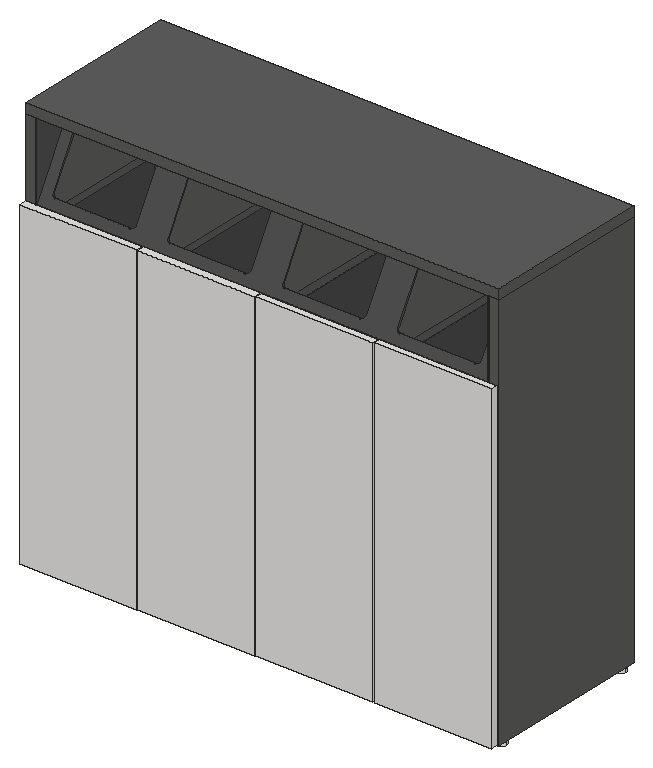
Revit family "Storage-Teknion-CESRUS_Recycling_Disposal_Unit_Standard_Bins-R2023", category Furniture, Revit 2023
Family settings
  OmniClass Number = 23.40.20.00
  OmniClass Title = General Furniture and Specialties
  Work Plane-Based = No
  Enable Cutting in Views = No
  Always vertical = Yes
  Cut with Voids When Loaded = No
  Render Appearance Source = Family Geometry
  Shared = Yes
  Room Calculation Point = No
Parameters (values of type "Quad Configuration")
  Width = if([D - Dual], 24.000", if([T - Triple], 36.000", 48.000"))  # 48.000"
  Warranty = "http://www.teknion.com/ca/papers/legal-canada"
  Unit Weight URL = "http://www.teknion.com/ca/tools/assets#&asset=bee6a381-b954-425e-8283-5a2de3a804f2,f828d448-4b62-4231-9e5f-9a8991c0ed77"
  URL = "www.teknion.com"
  To render please download texture images found here [instance] = "https://assets.teknion.com/web/5e81352c1dfdb467/revit-material-swatches/"
  T - Triple = no
  Sustainability Data = "https://www.teknion.com/ca/tools/assets#&topic=216f99a5-57a0-44fc-b10a-9dee9b29ae4c&asset=444deb64-fe58-4b68-981e-f75e97781df7,b4ff2d81-9f2e-437d-9659-7cffb09c31cf"
  Series = "Expansion Casework+"  # constant formula
  S - Symbol Ready [instance] = no
  Q - Quad = yes
  Product Page URL = "https://www.teknion.com/ca/products/product-details?productLineId=30ca1270-8e7a-673b-a6c8-ff05004460c4"
  Product Line = "Storage Cabinets"  # constant formula
  Product Documentation Link = "https://www.teknion.com/pricing/expansion-casework/pdfs/CESRUS_ppg.pdf"
  Part Number = "CESRUS"  # constant formula
  Opening Fascia Finish [instance] = Paint - Teknion - Foundation - Ebony
  N - No Identification [instance] = not([S - Symbol Ready])  # yes
  Model = "CESRUSQ__12____"
  Manufacturer Phone = "416-661-3370"  # constant formula
  Manufacturer Fax = "416.661.4586"  # constant formula
  Manufacturer Contact Information = "http://www.teknion.com/ca/contactus"
  Manufacturer Address = "1150 Flint Road, Toronto, ON. M3J 2J5. Canada"  # constant formula
  Manufacturer = "Teknion"  # constant formula
  MR - 4 Doors = [Q - Quad]  # yes
  MR - 3 Doors = [T - Triple]  # no
  Identification [instance] = "Select one option for identification. No identification is default."  # constant formula
  How To Use Teknion Materials User Guide [instance] = "https://assets.teknion.com/m/205dd0a49fa58060/original/How-to-add-a-Material-Library-and-Texture-Images-to-your-Revit-project.pdf"
  Hidden - Divider 3 = not(Divider 3)  # no
  Hidden - Divider 2 = not(Divider 2)  # no
  Hidden - Divider 1 = not(Divider 1)  # no
  Height [instance] = 42.000"
  Front Finish [instance] = Grade 2 Laminate - Teknion - W4 -Crisp Grey Matte
  For Additional Finishes please visit [instance] = "https://assets.teknion.com/m/44a8009b046e5d47/original/Teknion_Materials_Library.zip"
  Divider 3 = or([Q - Quad], [T - Triple])  # yes
  Divider 2 = or([D - Dual], [Q - Quad])  # yes
  Divider 1 = or([Q - Quad], [T - Triple])  # yes
  Dim 3 = if([T - Triple], 11.085", 5.085")  # 5.085"
  Dim 2 = if([T - Triple], 11.667", 5.750")  # 5.750"
  Dim 1 = if([T - Triple], 6.000", if([Q - Quad], 12.000", 8.000"))  # 12.000"
  Description = "Recycling/Disposal Unit - Standard Bins, Quad Configuration, 12\" Door Width"
  Depth [instance] = 18.000"
  Default Elevation = 0.000"
  D - Dual = no
  Cut-Out - Symbol - 2 & 3 Doors [instance] = if([S - Symbol Ready], 1.000", 0.200")  # 0.200"
  Cut-Out - Symbol - 4 Doors [instance] = if((and([Q - Quad], [S - Symbol Ready])), 1.000", 0.200")  # 0.200"
  Cut-Out - Symbol - 3 Doors [instance] = if((and([T - Triple], [S - Symbol Ready])), 1.000", 0.200")  # 0.200"
  Cut-Out - 4 Bins = if([Q - Quad], 1.000", 0.200")  # 1.000"
  Cut-Out - 3 Bins = if([T - Triple], 1.500", 0.200")  # 0.200"
  Cut-Out - 2 Bins = if((or([D - Dual], [Q - Quad])), 1.000", 0.200")  # 1.000"
  Cut - Divider - 3 = if(Divider 3, 3.000", 0.300")  # 3.000"
  Cut - Divider - 2 = if(Divider 2, 3.000", 0.300")  # 3.000"
  Cut - Divider - 1 = if(Divider 1, 3.000", 0.300")  # 3.000"
  Cut - 3 & 4 Doors = if((or([T - Triple], [Q - Quad])), 2.500", 0.300")  # 2.500"
  Cut - 2 & 4 Doors = if((or([D - Dual], [Q - Quad])), 2.500", 0.300")  # 2.500"
  Configuration = ""
  Case Finish [instance] = Source Laminate - Teknion - LE - Ebony
  Available Height [instance] = "36 & 42 Inch"  # constant formula
  Available Depth [instance] = "18 & 24 Inch"  # constant formula
  Assembly Code = "E2020200"
  2D & Node - Symbol - 2 & 3 Doors [instance] = [Cut-Out - Symbol - 2 & 3 Doors] = 1.000"  # no
  2D & Node - Symbol - 3 Doors [instance] = [Cut-Out - Symbol - 3 Doors] = 1.000"  # no
  2D & Node - Symbol - 4 Doors [instance] = [Cut-Out - Symbol - 4 Doors] = 1.000"  # no
  2D - 4 Bins = [Cut-Out - 4 Bins] = 1.000"  # yes
  2D - 3 Bins = [Cut-Out - 3 Bins] = 1.500"  # no
  2D - 2 & 4 Bins = or([Cut-Out - 2 Bins] = 1.000", [Cut-Out - 4 Bins] = 1.000")  # yes
Reference planes (in)
  plane 1 "Center Front/Back": y = -15
  plane 2: z = 0
  plane 3 "Center Left/Right": x = 24
  plane 4 "Left": x = 0
  plane 5 "Right": x = 48
  plane 6 "Back": y = -6
  plane 7 "Front": y = -24
  plane 8 "Top": z = 42
  plane 9: z = 0.37795
  plane 10: z = 11.43858
  plane 11: x = 12
  plane 12: x = 36
  plane 13: y = -15.53543
Forms (in)
  Sweep 1, solid, material "Source Laminate - Teknion - LE - Ebony" <- "Case Finish"
    path origin (0, -15, 0) x (1, 0, 0) y (0, 0, 1)
      loop
        line (24, 0.37795) -> (24, 40.98425)
    profile origin (24, -15, 20.6811) x (-1, 0, 0) y (0, -1, 0)
      loop
        line (24, -9) -> (24, 8.16142) -> (22.98425, 8.16142) -> (22.98425, -9) -> (24, -9)
      loop
        line (-24, -9) -> (-22.98425, -9) -> (-22.98425, 8.16142) -> (-24, 8.16142) -> (-24, -9)
  Sweep 2, solid, material "Source Laminate - Teknion - LE - Ebony" <- "Case Finish"
    path origin (0, 0, 0) x (1, 0, 0) y (0, 1, 0)
      loop
        line (46.98425, -15) -> (1.01575, -15)
    profile origin (24, -15, 0) x (0, -1, 0) y (0, 0, 1)
      loop
        line (-8.29921, 40.98425) -> (-9, 40.98425) -> (-9, 0.37795) -> (-8.29921, 0.37795) -> (-8.29921, 40.98425)
  Sweep 3, solid, material "Source Laminate - Teknion - LE - Ebony" <- "Case Finish"
    path origin (0, -15, 0) x (1, 0, 0) y (0, 0, 1)
      loop
        line (24, 1.43307) -> (24, 0.37795)
    profile origin (24, -15, 0.90551) x (0, -1, 0) y (1, 0, 0)
      loop
        line (-8.29921, -22.98425) -> (8.16142, -22.98425) -> (8.16142, 22.98425) -> (-8.29921, 22.98425) -> (-8.29921, -22.98425)
  Sweep 4, solid, material "Source Laminate - Teknion - LE - Ebony" <- "Case Finish"
    path origin (0, -15, 0) x (1, 0, 0) y (0, 0, 1)
      loop
        line (24, 11.43858) -> (24, 10.7378)
    profile origin (24, -15, 11.08819) x (0, -1, 0) y (1, 0, 0)
      loop
        line (-8.29921, -22.98425) -> (8.16142, -22.98425) -> (8.16142, 22.98425) -> (-8.29921, 22.98425) -> (-8.29921, -22.98425)
  Sweep 5, solid, material "Source Laminate - Teknion - LE - Ebony" <- "Case Finish"
    path origin (0, -15, 0) x (1, 0, 0) y (0, 0, 1)
      loop
        line (24, 42) -> (24, 40.98425)
    profile origin (24, -15, 41.49213) x (0, -1, 0) y (1, 0, 0)
      loop
        line (-9, -24) -> (8.16142, -24) -> (8.16142, 24) -> (-9, 24) -> (-9, -24)
  Sweep 6, solid, material "Grade 2 Laminate - Teknion - W4 -Crisp Grey Matte" <- "Front Finish"
    path origin (0, 0, 0) x (1, 0, 0) y (0, 1, 0)
      loop
        line (24, -23.29921) -> (24, -24)
    profile origin (24, -23.64961, 0) x (1, 0, 0) y (0, 0, 1)
      loop
        line (23.94094, 33.17913) -> (-23.94094, 33.17913) -> (-23.94094, 0.49606) -> (23.94094, 0.49606) -> (23.94094, 33.17913)
  Sweep 7, solid, material "Source Laminate - Teknion - LE - Ebony" <- "Case Finish", visible <- "Divider 1"
    path origin (0, 0, 0) x (1, 0, 0) y (0, 1, 0)
      loop
        line (11.64961, -15) -> (12.35039, -15)
    profile origin (12, -15, 0) x (0, 1, 0) y (0, 0, 1)
      loop
        line (8.29921, 40.98425) -> (-3.10354, 40.98425) -> (-6.38976, 35.29235) -> (-6.38976, 32.22362) -> (-8.16142, 32.22362) -> (-8.16142, 1.43307) -> (8.29921, 1.43307) -> (8.29921, 40.98425)
  Sweep 8, solid, material "Source Laminate - Teknion - LE - Ebony" <- "Case Finish", visible <- "Divider 2"
    path origin (0, 0, 0) x (1, 0, 0) y (0, 1, 0)
      loop
        line (23.64961, -15) -> (24.35039, -15)
    profile origin (24, -15, 0) x (0, 1, 0) y (0, 0, 1)
      loop
        line (8.29921, 1.43307) -> (8.29921, 40.98425) -> (-3.10354, 40.98425) -> (-6.38976, 35.29235) -> (-6.38976, 32.22362) -> (-8.16142, 32.22362) -> (-8.16142, 1.43307) -> (8.29921, 1.43307)
  Sweep 9, solid, material "Source Laminate - Teknion - LE - Ebony" <- "Case Finish", visible <- "Divider 3"
    path origin (0, 0, 0) x (1, 0, 0) y (0, 1, 0)
      loop
        line (35.64961, -15) -> (36.35039, -15)
    profile origin (36, -15, 0) x (0, 1, 0) y (0, 0, 1)
      loop
        line (-3.10354, 40.98425) -> (-6.38976, 35.29235) -> (-6.38976, 32.22362) -> (-8.16142, 32.22362) -> (-8.16142, 1.43307) -> (8.29921, 1.43307) -> (8.29921, 40.98425) -> (-3.10354, 40.98425)
  Sweep 10, void
    path origin (0, -15, 0) x (1, 0, 0) y (0, 0, 1)
      loop
        line (24, 12.43858) -> (24, 9.43858)
    profile origin (24, -15, 10.93858) x (0, -1, 0) y (1, 0, 0)
      loop
        line (-8.29921, -12.35039) -> (9, -12.35039) -> (9, -11.64961) -> (-8.29921, -11.64961) -> (-8.29921, -12.35039)
  Sweep 11, void
    path origin (0, -15, 0) x (1, 0, 0) y (0, 0, 1)
      loop
        line (24, 9.43858) -> (24, 12.43858)
    profile origin (24, -15, 10.93858) x (-1, 0, 0) y (0, -1, 0)
      loop
        line (0.35039, -8.29921) -> (0.35039, 9) -> (-0.35039, 9) -> (-0.35039, -8.29921) -> (0.35039, -8.29921)
  Sweep 12, void
    path origin (0, -15, 0) x (1, 0, 0) y (0, 0, 1)
      loop
        line (24, 12.43858) -> (24, 9.43858)
    profile origin (24, -15, 10.93858) x (0, -1, 0) y (1, 0, 0)
      loop
        line (9, 12.35039) -> (-8.29921, 12.35039) -> (-8.29921, 11.64961) -> (9, 11.64961) -> (9, 12.35039)
  Sweep 13, solid, material "Paint - Teknion - Foundation - Ebony" <- "Opening Fascia Finish"
    path origin (0, 0, 0) x (1, 0, 0) y (0, 1, 0)
      loop
        line (1.06299, -15) -> (1.01575, -15)
    profile origin (1.03937, -15, 0) x (0, -1, 0) y (0, 0, 1)
      loop
        line (8.16142, 40.93701) -> (3.65922, 40.93701) -> (8.16142, 33.13898) -> (8.16142, 40.93701)
  Sweep 14, solid, material "Paint - Teknion - Foundation - Ebony" <- "Opening Fascia Finish"
    path origin (0, 0, 0) x (1, 0, 0) y (0, 1, 0)
      loop
        line (46.98425, -15) -> (46.93701, -15)
    profile origin (46.96063, -15, 0) x (0, -1, 0) y (0, 0, 1)
      loop
        line (8.16142, 40.93701) -> (3.65922, 40.93701) -> (8.16142, 33.13898) -> (8.16142, 40.93701)
  Sweep 15, solid, material "Paint - Teknion - Foundation - Ebony" <- "Opening Fascia Finish"
    path origin (0, 0, 0) x (1, 0, 0) y (0, 1, 0)
      loop
        line (46.98425, -15) -> (1.01575, -15)
    profile origin (24, -15, 0) x (0, -1, 0) y (0, 0, 1)
      loop
        line (5.83369, 40.98425) -> (3.57739, 40.98425) -> (8.16142, 33.04449) -> (8.16142, 33.13898) -> (3.65922, 40.93701) -> (5.83369, 40.93701) -> (5.83369, 40.98425)
  Sweep 16, void
    path origin (24, 0, 0) x (0, 1, 0) y (0, 0, 1)
      loop
        line (-19.92521, 39.76487) -> (-19.05918, 39.26487)
    profile origin (24, -19.4922, 39.51487) x (0, 0.5, 0.866025) y (1, 0, 0)
      loop
        line (-6.3563, -13.64469) -> (-6.3563, -21.35728)
        arc (-6.3563, -21.35728) -> (-6.24099, -21.63567) -> (-5.9626, -21.75098) r 0.3937
        line (-5.9626, -21.75098) -> (0, -21.75098)
        arc (0, -21.75098) -> (0.27839, -21.63567) -> (0.3937, -21.35728) r 0.3937
        line (0.3937, -21.35728) -> (0.3937, -13.64469)
        arc (0.3937, -13.64469) -> (0.27839, -13.3663) -> (0, -13.25098) r 0.3937
        line (0, -13.25098) -> (-5.9626, -13.25098)
        arc (-5.9626, -13.25098) -> (-6.24099, -13.3663) -> (-6.3563, -13.64469) r 0.3937
      loop
        line (-6.3563, 21.35728) -> (-6.3563, 13.64469)
        arc (-6.3563, 13.64469) -> (-6.24099, 13.3663) -> (-5.9626, 13.25098) r 0.3937
        line (-5.9626, 13.25098) -> (0, 13.25098)
        arc (0, 13.25098) -> (0.27839, 13.3663) -> (0.3937, 13.64469) r 0.3937
        line (0.3937, 13.64469) -> (0.3937, 21.35728)
        arc (0.3937, 21.35728) -> (0.27839, 21.63567) -> (0, 21.75098) r 0.3937
        line (0, 21.75098) -> (-5.9626, 21.75098)
        arc (-5.9626, 21.75098) -> (-6.24099, 21.63567) -> (-6.3563, 21.35728) r 0.3937
  Sweep 17, void
    path origin (24, 0, 0) x (0, 1, 0) y (0, 0, 1)
      loop
        line (-19.72836, 40.10583) -> (-18.86233, 39.60583)
    profile origin (24, -19.29535, 39.85583) x (0, 0.5, 0.866025) y (1, 0, 0)
      loop
        line (-6.75, -1.97736) -> (-6.75, -9.68996)
        arc (-6.75, -9.68996) -> (-6.63469, -9.96835) -> (-6.3563, -10.08366) r 0.3937
        line (-6.3563, -10.08366) -> (-0.3937, -10.08366)
        arc (-0.3937, -10.08366) -> (-0.11531, -9.96835) -> (0, -9.68996) r 0.3937
        line (0, -9.68996) -> (0, -1.97736)
        arc (0, -1.97736) -> (-0.11531, -1.69897) -> (-0.3937, -1.58366) r 0.3937
        line (-0.3937, -1.58366) -> (-6.3563, -1.58366)
        arc (-6.3563, -1.58366) -> (-6.63469, -1.69897) -> (-6.75, -1.97736) r 0.3937
      loop
        line (-6.75, 9.68996) -> (-6.75, 1.97736)
        arc (-6.75, 1.97736) -> (-6.63469, 1.69897) -> (-6.3563, 1.58366) r 0.3937
        line (-6.3563, 1.58366) -> (-0.3937, 1.58366)
        arc (-0.3937, 1.58366) -> (-0.11531, 1.69897) -> (0, 1.97736) r 0.3937
        line (0, 1.97736) -> (0, 9.68996)
        arc (0, 9.68996) -> (-0.11531, 9.96835) -> (-0.3937, 10.08366) r 0.3937
        line (-0.3937, 10.08366) -> (-6.3563, 10.08366)
        arc (-6.3563, 10.08366) -> (-6.63469, 9.96835) -> (-6.75, 9.68996) r 0.3937
  Sweep 18, void
    path origin (24, 0, 0) x (0, 1, 0) y (0, 0, 1)
      loop
        line (-19.81496, 40.15583) -> (-19.98817, 40.25583)
    profile origin (24, -19.90156, 40.20583) x (0, -0.5, -0.866025) y (1, 0, 0)
      loop
        arc (6.75, -7.70013) -> (6.63469, -7.42174) -> (6.3563, -7.30643) r 0.3937
        line (6.3563, -7.30643) -> (0.33268, -7.30643)
        arc (0.33268, -7.30643) -> (0.05429, -7.42174) -> (-0.06102, -7.70013) r 0.3937
        line (-0.06102, -7.70013) -> (-0.06102, -15.41273)
        arc (-0.06102, -15.41273) -> (0.05429, -15.69112) -> (0.33268, -15.80643) r 0.3937
        line (0.33268, -15.80643) -> (6.3563, -15.80643)
        arc (6.3563, -15.80643) -> (6.63469, -15.69112) -> (6.75, -15.41273) r 0.3937
        line (6.75, -15.41273) -> (6.75, -7.70013)
      loop
        arc (6.75, 3.8563) -> (6.63469, 4.13469) -> (6.3563, 4.25) r 0.3937
        line (6.3563, 4.25) -> (0.33268, 4.25)
        arc (0.33268, 4.25) -> (0.05429, 4.13469) -> (-0.06102, 3.8563) r 0.3937
        line (-0.06102, 3.8563) -> (-0.06102, -3.8563)
        arc (-0.06102, -3.8563) -> (0.05429, -4.13469) -> (0.33268, -4.25) r 0.3937
        line (0.33268, -4.25) -> (6.3563, -4.25)
        arc (6.3563, -4.25) -> (6.63469, -4.13469) -> (6.75, -3.8563) r 0.3937
        line (6.75, -3.8563) -> (6.75, 3.8563)
      loop
        arc (6.75, 15.41273) -> (6.63469, 15.69112) -> (6.3563, 15.80643) r 0.3937
        line (6.3563, 15.80643) -> (0.33268, 15.80643)
        arc (0.33268, 15.80643) -> (0.05429, 15.69112) -> (-0.06102, 15.41273) r 0.3937
        line (-0.06102, 15.41273) -> (-0.06102, 7.70013)
        arc (-0.06102, 7.70013) -> (0.05429, 7.42174) -> (0.33268, 7.30643) r 0.3937
        line (0.33268, 7.30643) -> (6.3563, 7.30643)
        arc (6.3563, 7.30643) -> (6.63469, 7.42174) -> (6.75, 7.70013) r 0.3937
        line (6.75, 7.70013) -> (6.75, 15.41273)
  Sweep 19, void
    path origin (0, 0, 0) x (1, 0, 0) y (0, 1, 0)
      loop
        line (24, -25) -> (24, -22.5)
    profile origin (24, -23.75, 0) x (-1, 0, 0) y (0, 0, 1)
      loop
        line (11.94094, 0.37795) -> (12.05906, 0.37795) -> (12.05906, 33.89776) -> (11.94094, 33.89776) -> (11.94094, 0.37795)
  Sweep 20, void
    path origin (0, 0, 0) x (1, 0, 0) y (0, 1, 0)
      loop
        line (24, -22.5) -> (24, -25)
    profile origin (24, -23.75, 0) x (1, 0, 0) y (0, 0, 1)
      loop
        line (12.05906, 0.37795) -> (12.05906, 33.89776) -> (11.94094, 33.89776) -> (11.94094, 0.37795) -> (12.05906, 0.37795)
  Sweep 21, void
    path origin (0, 0, 0) x (1, 0, 0) y (0, 1, 0)
      loop
        line (36, -25) -> (36, -22.5)
    profile origin (36, -23.75, 0) x (-1, 0, 0) y (0, 0, 1)
      loop
        line (11.94094, 0.37795) -> (12.05906, 0.37795) -> (12.05906, 33.89776) -> (11.94094, 33.89776) -> (11.94094, 0.37795)
  Sweep 22, solid, material "Metal - Teknion - C6 - Chrome"
    path origin (0, -15, 0) x (1, 0, 0) y (0, 0, 1)
      loop
        line (24, 0) -> (24, 0.37795)
    profile origin (24, -15, 0.18898) x (-1, 0, 0) y (0, -1, 0)
      loop
        circle (23.5, -8) r 0.5
      loop
        circle (23.5, 7.16142) r 0.5
      loop
        circle (-23.5, -8) r 0.5
      loop
        circle (-23.5, 7.16142) r 0.5
  Sweep 23, void
    path origin (0, 0, 0) x (1, 0, 0) y (0, 1, 0)
      loop
        line (24, -24.60315) -> (24, -24.80315)
    profile origin (24, -24.70315, 0) x (1, 0, 0) y (0, 0, 1)
      loop
        circle (-18.91535, 30.66929) r 0.15748
      loop
        circle (-17.08465, 28.83858) r 0.15748
      loop
        circle (17.08465, 30.66929) r 0.15748
      loop
        circle (18.91535, 28.83858) r 0.15748
  Sweep 24, void
    path origin (0, 0, 0) x (1, 0, 0) y (0, 1, 0)
      loop
        line (24, -24.60315) -> (24, -24.80315)
    profile origin (24, -24.70315, 0) x (1, 0, 0) y (0, 0, 1)
      loop
        circle (-0.91535, 30.66929) r 0.15748
      loop
        circle (0.91535, 28.83858) r 0.15748
  Sweep 25, void
    path origin (0, 0, 0) x (1, 0, 0) y (0, 1, 0)
      loop
        line (24, -24.60315) -> (24, -24.80315)
    profile origin (24, -24.70315, 0) x (1, 0, 0) y (0, 0, 1)
      loop
        circle (-6.91571, 30.66929) r 0.15748
      loop
        circle (-5.085, 28.83858) r 0.15748
      loop
        circle (5.085, 30.66929) r 0.15748
      loop
        circle (6.91571, 28.83858) r 0.15748
Cuts and joins
  Sweep 10, Sweep 11, Sweep 12 cuts Sweep 4
  Sweep 16, Sweep 17, Sweep 18 cuts Sweep 15
  joined: Sweep 13, Sweep 14, Sweep 15
  Sweep 19, Sweep 20, Sweep 21, Sweep 23, Sweep 24, Sweep 25 cuts Sweep 6
Lines and regions (in)
  Masking region 1
    outline origin (0, 0, 0) x (1, 0, 0) y (0, 1, 0)
      loop
        line (48, -6) -> (0, -6) -> (0, -23.16142) -> (48, -23.16142) -> (48, -6)
  Masking region 2
    outline origin (0, 0, 0) x (1, 0, 0) y (0, 1, 0)
      loop
        line (11.94094, -23.29921) -> (0.05906, -23.29921) -> (0.05906, -24) -> (11.94094, -24) -> (11.94094, -23.29921)
      loop
        line (36.05906, -24) -> (47.94094, -24) -> (47.94094, -23.29921) -> (36.05906, -23.29921) -> (36.05906, -24)
  Masking region 3, visible <- "MR - 4 Doors"
    outline origin (0, 0, 0) x (1, 0, 0) y (0, 1, 0)
      loop
        line (12.05906, -23.29921) -> (12.05906, -24) -> (23.94094, -24) -> (23.94094, -23.29921) -> (12.05906, -23.29921)
      loop
        line (35.94094, -24) -> (35.94094, -23.29921) -> (24.05906, -23.29921) -> (24.05906, -24) -> (35.94094, -24)
  Masking region 4, visible <- "MR - 3 Doors"
    outline origin (0, 0, 0) x (1, 0, 0) y (0, 1, 0)
      loop
        line (29.94094, -23.29921) -> (18.05906, -23.29921) -> (18.05906, -24) -> (29.94094, -24) -> (29.94094, -23.29921)
  symbolic lines, style "FurnitureHiddenLines", detail levels medium+fine
    curve 1: line (1.01575, -6.70079, 0) -> (46.98425, -6.70079, 0)
    curve 2: line (1.01575, -23.16142, 0) -> (1.01575, -6, 0)
    curve 3: line (46.98425, -6, 0) -> (46.98425, -23.16142, 0)
    curve 16: line (1.01575, -18.57739, 0) -> (46.98425, -18.57739, 0)
    curve 17: line (1.06299, -18.65922, 0) -> (46.93701, -18.65922, 0)
    curve 18: line (1.06299, -18.65922, 0) -> (1.06299, -23.16142, 0)
    curve 19: line (1.01575, -20.83369, 0) -> (11.64961, -20.83369, 0)
    curve 20: line (46.93701, -18.65922, 0) -> (46.93701, -23.16142, 0)
    curve 21: line (12.35039, -20.83369, 0) -> (23.64961, -20.83369, 0)
    curve 22: line (24.35039, -20.83369, 0) -> (35.64961, -20.83369, 0)
    curve 23: line (36.35039, -20.83369, 0) -> (46.98425, -20.83369, 0)
    curve 107: line (22.4626, -8.03543, 0) -> (14.0374, -8.03543, 0)
    curve 108: arc (14.0374, -8.03543, 0) -> (13.48062, -8.26606, 0) -> (13.25, -8.82283, 0) r 0.7874
    curve 109: line (13.25, -8.82283, 0) -> (13.25, -22.24803, 0)
    curve 110: arc (13.25, -22.24803, 0) -> (13.48062, -22.80481, 0) -> (14.0374, -23.03543, 0) r 0.7874
    curve 111: line (14.0374, -23.03543, 0) -> (22.4626, -23.03543, 0)
    curve 112: arc (22.4626, -23.03543, 0) -> (23.01938, -22.80481, 0) -> (23.25, -22.24803, 0) r 0.7874
    curve 113: line (23.25, -22.24803, 0) -> (23.25, -8.82283, 0)
    curve 114: arc (23.25, -8.82283, 0) -> (23.01938, -8.26606, 0) -> (22.4626, -8.03543, 0) r 0.7874
    curve 115: line (14.62795, -22.30709, 0) -> (21.87205, -22.30709, 0)
    curve 116: arc (21.87205, -22.30709, 0) -> (22.42882, -22.07646, 0) -> (22.65945, -21.51969, 0) r 0.7874
    curve 117: line (22.65945, -21.51969, 0) -> (22.65945, -9.55118, 0)
    curve 118: arc (22.65945, -9.55118, 0) -> (22.42882, -8.9944, 0) -> (21.87205, -8.76378, 0) r 0.7874
    curve 119: line (21.87205, -8.76378, 0) -> (14.62795, -8.76378, 0)
    curve 120: arc (14.62795, -8.76378, 0) -> (14.07118, -8.9944, 0) -> (13.84055, -9.55118, 0) r 0.7874
    curve 121: line (13.84055, -9.55118, 0) -> (13.84055, -21.51969, 0)
    curve 122: arc (13.84055, -21.51969, 0) -> (14.07118, -22.07646, 0) -> (14.62795, -22.30709, 0) r 0.7874
    curve 123: line (21.83268, -22.0315, 0) -> (14.66732, -22.0315, 0)
    curve 124: arc (14.66732, -22.0315, 0) -> (14.24974, -21.85853, 0) -> (14.07677, -21.44094, 0) r 0.59055
    curve 125: line (14.07677, -21.44094, 0) -> (14.07677, -9.62992, 0)
    curve 126: arc (14.07677, -9.62992, 0) -> (14.24974, -9.21234, 0) -> (14.66732, -9.03937, 0) r 0.59055
    curve 127: line (14.66732, -9.03937, 0) -> (21.83268, -9.03937, 0)
    curve 128: arc (21.83268, -9.03937, 0) -> (22.25026, -9.21234, 0) -> (22.42323, -9.62992, 0) r 0.59055
    curve 129: line (22.42323, -9.62992, 0) -> (22.42323, -21.44094, 0)
    curve 130: arc (22.42323, -21.44094, 0) -> (22.25026, -21.85853, 0) -> (21.83268, -22.0315, 0) r 0.59055
    curve 131: line (33.9626, -8.03543, 0) -> (25.5374, -8.03543, 0)
    curve 132: arc (25.5374, -8.03543, 0) -> (24.98062, -8.26606, 0) -> (24.75, -8.82283, 0) r 0.7874
    curve 133: line (24.75, -8.82283, 0) -> (24.75, -22.24803, 0)
    curve 134: arc (24.75, -22.24803, 0) -> (24.98062, -22.80481, 0) -> (25.5374, -23.03543, 0) r 0.7874
    curve 135: line (25.5374, -23.03543, 0) -> (33.9626, -23.03543, 0)
    curve 136: arc (33.9626, -23.03543, 0) -> (34.51938, -22.80481, 0) -> (34.75, -22.24803, 0) r 0.7874
    curve 137: line (34.75, -22.24803, 0) -> (34.75, -8.82283, 0)
    curve 138: arc (34.75, -8.82283, 0) -> (34.51938, -8.26606, 0) -> (33.9626, -8.03543, 0) r 0.7874
    curve 139: line (26.12795, -22.30709, 0) -> (33.37205, -22.30709, 0)
    curve 140: arc (33.37205, -22.30709, 0) -> (33.92882, -22.07646, 0) -> (34.15945, -21.51969, 0) r 0.7874
    curve 141: line (34.15945, -21.51969, 0) -> (34.15945, -9.55118, 0)
    curve 142: arc (34.15945, -9.55118, 0) -> (33.92882, -8.9944, 0) -> (33.37205, -8.76378, 0) r 0.7874
    curve 143: line (33.37205, -8.76378, 0) -> (26.12795, -8.76378, 0)
    curve 144: arc (26.12795, -8.76378, 0) -> (25.57118, -8.9944, 0) -> (25.34055, -9.55118, 0) r 0.7874
    curve 145: line (25.34055, -9.55118, 0) -> (25.34055, -21.51969, 0)
    curve 146: arc (25.34055, -21.51969, 0) -> (25.57118, -22.07646, 0) -> (26.12795, -22.30709, 0) r 0.7874
    curve 147: line (26.16732, -9.03937, 0) -> (33.33268, -9.03937, 0)
    curve 148: arc (33.33268, -9.03937, 0) -> (33.75026, -9.21234, 0) -> (33.92323, -9.62992, 0) r 0.59055
    curve 149: line (33.92323, -9.62992, 0) -> (33.92323, -21.44094, 0)
    curve 150: arc (33.92323, -21.44094, 0) -> (33.75026, -21.85853, 0) -> (33.33268, -22.0315, 0) r 0.59055
    curve 151: line (33.33268, -22.0315, 0) -> (26.16732, -22.0315, 0)
    curve 152: arc (26.16732, -22.0315, 0) -> (25.74974, -21.85853, 0) -> (25.57677, -21.44094, 0) r 0.59055
    curve 153: line (25.57677, -21.44094, 0) -> (25.57677, -9.62992, 0)
    curve 154: arc (25.57677, -9.62992, 0) -> (25.74974, -9.21234, 0) -> (26.16732, -9.03937, 0) r 0.59055
  symbolic lines, style "FurnitureHiddenLines", visible <- "Divider 1", detail levels medium+fine
    curve 4: line (12.35039, -23.16142, 0) -> (12.35039, -6.70079, 0)
    curve 5: line (11.64961, -23.16142, 0) -> (11.64961, -6.70079, 0)
    curve 6: line (11.64961, -21.38976, 0) -> (12.35039, -21.38976, 0)
    curve 7: line (11.64961, -18.10354, 0) -> (12.35039, -18.10354, 0)
  symbolic lines, style "FurnitureHiddenLines", visible <- "Divider 2", detail levels medium+fine
    curve 8: line (23.64961, -23.16142, 0) -> (23.64961, -6.70079, 0)
    curve 9: line (24.35039, -23.16142, 0) -> (24.35039, -6.70079, 0)
    curve 10: line (24.35039, -18.10354, 0) -> (23.64961, -18.10354, 0)
    curve 11: line (23.64961, -21.38976, 0) -> (24.35039, -21.38976, 0)
  symbolic lines, style "FurnitureHiddenLines", visible <- "Divider 3", detail levels medium+fine
    curve 12: line (35.64961, -23.16142, 0) -> (35.64961, -6.70079, 0)
    curve 13: line (36.35039, -23.16142, 0) -> (36.35039, -6.70079, 0)
    curve 14: line (36.35039, -18.10354, 0) -> (35.64961, -18.10354, 0)
    curve 15: line (35.64961, -21.38976, 0) -> (36.35039, -21.38976, 0)
  symbolic lines, style "FurnitureHiddenLines", visible <- "Hidden - Divider 1", detail levels medium+fine
    curve 24: line (11.64961, -20.83369, 0) -> (12.35039, -20.83369, 0)
  symbolic lines, style "FurnitureHiddenLines", visible <- "Hidden - Divider 2", detail levels medium+fine
    curve 25: line (23.64961, -20.83369, 0) -> (24.35039, -20.83369, 0)
  symbolic lines, style "FurnitureHiddenLines", visible <- "Hidden - Divider 3", detail levels medium+fine
    curve 26: line (35.64961, -20.83369, 0) -> (36.35039, -20.83369, 0)
  symbolic lines, style "FurnitureHiddenLines", detail levels fine
    curve 27: arc (0, -22.16142, 0) -> (0.5, -21.66142, 0) -> (1, -22.16142, 0) r 0.5
    curve 28: arc (1, -22.16142, 0) -> (0.5, -22.66142, 0) -> (0, -22.16142, 0) r 0.5
    curve 29: arc (47, -22.16142, 0) -> (47.5, -21.66142, 0) -> (48, -22.16142, 0) r 0.5
    curve 30: arc (48, -22.16142, 0) -> (47.5, -22.66142, 0) -> (47, -22.16142, 0) r 0.5
    curve 31: arc (47, -7, 0) -> (47.5, -6.5, 0) -> (48, -7, 0) r 0.5
    curve 32: arc (48, -7, 0) -> (47.5, -7.5, 0) -> (47, -7, 0) r 0.5
    curve 33: arc (0, -7, 0) -> (0.5, -6.5, 0) -> (1, -7, 0) r 0.5
    curve 34: arc (1, -7, 0) -> (0.5, -7.5, 0) -> (0, -7, 0) r 0.5
  symbolic lines, style "FurnitureHiddenLines", visible <- "Q - Quad", detail levels medium+fine
    curve 35: line (11.33268, -22.24803, 0) -> (11.33268, -8.82283, 0)
    curve 36: arc (11.33268, -8.82283, 0) -> (11.10205, -8.26606, 0) -> (10.54528, -8.03543, 0) r 0.7874
    curve 37: line (10.54528, -8.03543, 0) -> (2.12008, -8.03543, 0)
    curve 38: arc (2.12008, -8.03543, 0) -> (1.5633, -8.26606, 0) -> (1.33268, -8.82283, 0) r 0.7874
    curve 39: line (1.33268, -8.82283, 0) -> (1.33268, -22.24803, 0)
    curve 40: arc (1.33268, -22.24803, 0) -> (1.5633, -22.80481, 0) -> (2.12008, -23.03543, 0) r 0.7874
    curve 41: line (2.12008, -23.03543, 0) -> (10.54528, -23.03543, 0)
    curve 42: arc (10.54528, -23.03543, 0) -> (11.10205, -22.80481, 0) -> (11.33268, -22.24803, 0) r 0.7874
    curve 43: line (2.15945, -21.44094, 0) -> (2.15945, -9.62992, 0)
    curve 44: arc (2.15945, -9.62992, 0) -> (2.33242, -9.21234, 0) -> (2.75, -9.03937, 0) r 0.59055
    curve 45: line (2.75, -9.03937, 0) -> (9.91535, -9.03937, 0)
    curve 46: arc (9.91535, -9.03937, 0) -> (10.33294, -9.21234, 0) -> (10.50591, -9.62992, 0) r 0.59055
    curve 47: line (10.50591, -9.62992, 0) -> (10.50591, -21.44094, 0)
    curve 48: arc (10.50591, -21.44094, 0) -> (10.33294, -21.85853, 0) -> (9.91535, -22.0315, 0) r 0.59055
    curve 49: line (9.91535, -22.0315, 0) -> (2.75, -22.0315, 0)
    curve 50: arc (2.75, -22.0315, 0) -> (2.33242, -21.85853, 0) -> (2.15945, -21.44094, 0) r 0.59055
    curve 51: line (9.95472, -8.76378, 0) -> (2.71063, -8.76378, 0)
    curve 52: arc (2.71063, -8.76378, 0) -> (2.15385, -8.9944, 0) -> (1.92323, -9.55118, 0) r 0.7874
    curve 53: line (1.92323, -9.55118, 0) -> (1.92323, -21.51969, 0)
    curve 54: arc (1.92323, -21.51969, 0) -> (2.15385, -22.07646, 0) -> (2.71063, -22.30709, 0) r 0.7874
    curve 55: line (2.71063, -22.30709, 0) -> (9.95472, -22.30709, 0)
    curve 56: arc (9.95472, -22.30709, 0) -> (10.5115, -22.07646, 0) -> (10.74213, -21.51969, 0) r 0.7874
    curve 57: line (10.74213, -21.51969, 0) -> (10.74213, -9.55118, 0)
    curve 58: arc (10.74213, -9.55118, 0) -> (10.5115, -8.9944, 0) -> (9.95472, -8.76378, 0) r 0.7874
    curve 59: line (45.8796, -8.03543, 0) -> (37.4544, -8.03543, 0)
    curve 60: arc (37.4544, -8.03543, 0) -> (36.89762, -8.26606, 0) -> (36.667, -8.82283, 0) r 0.7874
    curve 61: line (36.667, -8.82283, 0) -> (36.667, -22.24803, 0)
    curve 62: arc (36.667, -22.24803, 0) -> (36.89762, -22.80481, 0) -> (37.4544, -23.03543, 0) r 0.7874
    curve 63: line (37.4544, -23.03543, 0) -> (45.8796, -23.03543, 0)
    curve 64: arc (45.8796, -23.03543, 0) -> (46.43638, -22.80481, 0) -> (46.667, -22.24803, 0) r 0.7874
    curve 65: line (46.667, -22.24803, 0) -> (46.667, -8.82283, 0)
    curve 66: arc (46.667, -8.82283, 0) -> (46.43638, -8.26606, 0) -> (45.8796, -8.03543, 0) r 0.7874
    curve 67: line (38.04495, -22.30709, 0) -> (45.28905, -22.30709, 0)
    curve 68: arc (45.28905, -22.30709, 0) -> (45.84582, -22.07646, 0) -> (46.07645, -21.51969, 0) r 0.7874
    curve 69: line (46.07645, -21.51969, 0) -> (46.07645, -9.55118, 0)
    curve 70: arc (46.07645, -9.55118, 0) -> (45.84582, -8.9944, 0) -> (45.28905, -8.76378, 0) r 0.7874
    curve 71: line (45.28905, -8.76378, 0) -> (38.04495, -8.76378, 0)
    curve 72: arc (38.04495, -8.76378, 0) -> (37.48818, -8.9944, 0) -> (37.25755, -9.55118, 0) r 0.7874
    curve 73: line (37.25755, -9.55118, 0) -> (37.25755, -21.51969, 0)
    curve 74: arc (37.25755, -21.51969, 0) -> (37.48818, -22.07646, 0) -> (38.04495, -22.30709, 0) r 0.7874
    curve 75: line (38.08432, -9.03937, 0) -> (45.24968, -9.03937, 0)
    curve 76: arc (45.24968, -9.03937, 0) -> (45.66726, -9.21234, 0) -> (45.84023, -9.62992, 0) r 0.59055
    curve 77: line (45.84023, -9.62992, 0) -> (45.84023, -21.44094, 0)
    curve 78: arc (45.84023, -21.44094, 0) -> (45.66726, -21.85853, 0) -> (45.24968, -22.0315, 0) r 0.59055
    curve 79: line (45.24968, -22.0315, 0) -> (38.08432, -22.0315, 0)
    curve 80: arc (38.08432, -22.0315, 0) -> (37.66674, -21.85853, 0) -> (37.49377, -21.44094, 0) r 0.59055
    curve 81: line (37.49377, -21.44094, 0) -> (37.49377, -9.62992, 0)
    curve 82: arc (37.49377, -9.62992, 0) -> (37.66674, -9.21234, 0) -> (38.08432, -9.03937, 0) r 0.59055
  symbolic lines, style "FurnitureHiddenLines", visible <- "T - Triple", detail levels medium+fine
    curve 83: line (28.2126, -8.03543, 0) -> (19.7874, -8.03543, 0)
    curve 84: arc (19.7874, -8.03543, 0) -> (19.23062, -8.26606, 0) -> (19, -8.82283, 0) r 0.7874
    curve 85: line (19, -8.82283, 0) -> (19, -22.24803, 0)
    curve 86: arc (19, -22.24803, 0) -> (19.23062, -22.80481, 0) -> (19.7874, -23.03543, 0) r 0.7874
    curve 87: line (19.7874, -23.03543, 0) -> (28.2126, -23.03543, 0)
    curve 88: arc (28.2126, -23.03543, 0) -> (28.76938, -22.80481, 0) -> (29, -22.24803, 0) r 0.7874
    curve 89: line (29, -22.24803, 0) -> (29, -8.82283, 0)
    curve 90: arc (29, -8.82283, 0) -> (28.76938, -8.26606, 0) -> (28.2126, -8.03543, 0) r 0.7874
    curve 91: line (20.37795, -22.30709, 0) -> (27.62205, -22.30709, 0)
    curve 92: arc (27.62205, -22.30709, 0) -> (28.17882, -22.07646, 0) -> (28.40945, -21.51969, 0) r 0.7874
    curve 93: line (28.40945, -21.51969, 0) -> (28.40945, -9.55118, 0)
    curve 94: arc (28.40945, -9.55118, 0) -> (28.17882, -8.9944, 0) -> (27.62205, -8.76378, 0) r 0.7874
    curve 95: line (27.62205, -8.76378, 0) -> (20.37795, -8.76378, 0)
    curve 96: arc (20.37795, -8.76378, 0) -> (19.82118, -8.9944, 0) -> (19.59055, -9.55118, 0) r 0.7874
    curve 97: line (19.59055, -9.55118, 0) -> (19.59055, -21.51969, 0)
    curve 98: arc (19.59055, -21.51969, 0) -> (19.82118, -22.07646, 0) -> (20.37795, -22.30709, 0) r 0.7874
    curve 99: line (20.41732, -9.03937, 0) -> (27.58268, -9.03937, 0)
    curve 100: arc (27.58268, -9.03937, 0) -> (28.00026, -9.21234, 0) -> (28.17323, -9.62992, 0) r 0.59055
    curve 101: line (28.17323, -9.62992, 0) -> (28.17323, -21.44094, 0)
    curve 102: arc (28.17323, -21.44094, 0) -> (28.00026, -21.85853, 0) -> (27.58268, -22.0315, 0) r 0.59055
    curve 103: line (27.58268, -22.0315, 0) -> (20.41732, -22.0315, 0)
    curve 104: arc (20.41732, -22.0315, 0) -> (19.99974, -21.85853, 0) -> (19.82677, -21.44094, 0) r 0.59055
    curve 105: line (19.82677, -21.44094, 0) -> (19.82677, -9.62992, 0)
    curve 106: arc (19.82677, -9.62992, 0) -> (19.99974, -9.21234, 0) -> (20.41732, -9.03937, 0) r 0.59055
  symbolic lines, style "FurnitureHiddenLines", visible <- "2D & Node - Symbol - 4 Doors", detail levels fine
    curve 155: line (4.92717, -24, 0) -> (4.92717, -24.60315, 0)
    curve 156: line (4.92717, -24.60315, 0) -> (5.24213, -24.60315, 0)
    curve 157: line (5.24213, -24.60315, 0) -> (5.24213, -24, 0)
    curve 158: line (6.75787, -24, 0) -> (6.75787, -24.60315, 0)
    curve 159: line (6.75787, -24.60315, 0) -> (7.07283, -24.60315, 0)
    curve 160: line (7.07283, -24.60315, 0) -> (7.07283, -24, 0)
    curve 173: line (40.92717, -24, 0) -> (40.92717, -24.60315, 0)
    curve 174: line (40.92717, -24.60315, 0) -> (41.24213, -24.60315, 0)
    curve 175: line (41.24213, -24.60315, 0) -> (41.24213, -24, 0)
    curve 176: line (42.75787, -24, 0) -> (42.75787, -24.60315, 0)
    curve 177: line (42.75787, -24.60315, 0) -> (43.07283, -24.60315, 0)
    curve 178: line (43.07283, -24.60315, 0) -> (43.07283, -24, 0)
  symbolic lines, style "FurnitureHiddenLines", visible <- "2D & Node - Symbol - 2 & 3 Doors", detail levels fine
    curve 161: line (16.92681, -24, 0) -> (16.92681, -24.60315, 0)
    curve 162: line (16.92681, -24.60315, 0) -> (17.24177, -24.60315, 0)
    curve 163: line (17.24177, -24.60315, 0) -> (17.24177, -24, 0)
    curve 164: line (18.75752, -24, 0) -> (18.75752, -24.60315, 0)
    curve 165: line (18.75752, -24.60315, 0) -> (19.07248, -24.60315, 0)
    curve 166: line (19.07248, -24.60315, 0) -> (19.07248, -24, 0)
    curve 167: line (28.92752, -24, 0) -> (28.92752, -24.60315, 0)
    curve 168: line (28.92752, -24.60315, 0) -> (29.24248, -24.60315, 0)
    curve 169: line (29.24248, -24.60315, 0) -> (29.24248, -24, 0)
    curve 170: line (30.75823, -24, 0) -> (30.75823, -24.60315, 0)
    curve 171: line (30.75823, -24.60315, 0) -> (31.07319, -24.60315, 0)
    curve 172: line (31.07319, -24.60315, 0) -> (31.07319, -24, 0)
  symbolic lines, style "FurnitureHiddenLines", visible <- "2D & Node - Symbol - 3 Doors", detail levels fine
    curve 179: line (22.92717, -24, 0) -> (22.92717, -24.60315, 0)
    curve 180: line (22.92717, -24.60315, 0) -> (23.24213, -24.60315, 0)
    curve 181: line (23.24213, -24.60315, 0) -> (23.24213, -24, 0)
    curve 182: line (24.75787, -24, 0) -> (24.75787, -24.60315, 0)
    curve 183: line (24.75787, -24.60315, 0) -> (25.07283, -24.60315, 0)
    curve 184: line (25.07283, -24.60315, 0) -> (25.07283, -24, 0)
  symbolic lines
    curve 185: line (0, -23.16142, 0) -> (48, -23.16142, 0)
  symbolic lines, style "FurnitureHiddenLines", visible <- "2D - 4 Bins", detail levels medium+fine
    curve 186: line (2.24902, -19.28642, 0) -> (10.74902, -19.28642, 0)
    curve 187: line (10.74902, -19.2455, 0) -> (2.24902, -19.2455, 0)
    curve 188: line (10.74902, -22.66142, 0) -> (2.24902, -22.66142, 0)
    curve 189: line (2.24902, -22.6205, 0) -> (10.74902, -22.6205, 0)
    curve 190: line (2.24902, -19.2455, 0) -> (2.24902, -22.66142, 0)
    curve 191: line (10.74902, -22.66142, 0) -> (10.74902, -19.2455, 0)
    curve 204: line (37.25098, -19.28642, 0) -> (45.75098, -19.28642, 0)
    curve 205: line (45.75098, -19.2455, 0) -> (37.25098, -19.2455, 0)
    curve 206: line (45.75098, -22.66142, 0) -> (45.75098, -19.2455, 0)
    curve 207: line (37.25098, -19.2455, 0) -> (37.25098, -22.66142, 0)
    curve 208: line (45.75098, -22.66142, 0) -> (37.25098, -22.66142, 0)
    curve 209: line (37.25098, -22.6205, 0) -> (45.75098, -22.6205, 0)
  symbolic lines, style "FurnitureHiddenLines", visible <- "2D - 2 & 4 Bins", detail levels medium+fine
    curve 192: line (22.41634, -22.66142, 0) -> (22.41634, -19.2455, 0)
    curve 193: line (13.91634, -19.2455, 0) -> (13.91634, -22.66142, 0)
    curve 194: line (13.91634, -19.28642, 0) -> (22.41634, -19.28642, 0)
    curve 195: line (22.41634, -19.2455, 0) -> (13.91634, -19.2455, 0)
    curve 196: line (22.41634, -22.66142, 0) -> (13.91634, -22.66142, 0)
    curve 197: line (13.91634, -22.6205, 0) -> (22.41634, -22.6205, 0)
    curve 198: line (25.58366, -19.28642, 0) -> (34.08366, -19.28642, 0)
    curve 199: line (34.08366, -19.2455, 0) -> (25.58366, -19.2455, 0)
    curve 200: line (34.08366, -22.66142, 0) -> (25.58366, -22.66142, 0)
    curve 201: line (25.58366, -22.6205, 0) -> (34.08366, -22.6205, 0)
    curve 202: line (34.08366, -22.66142, 0) -> (34.08366, -19.2455, 0)
    curve 203: line (25.58366, -19.2455, 0) -> (25.58366, -22.66142, 0)
    curve 210: line (14.31004, -19.28642, 0) -> (22.02264, -19.28642, 0)
  symbolic lines, style "FurnitureHiddenLines", visible <- "2D - 3 Bins", detail levels medium+fine
    curve 211: line (16.69357, -22.66142, 0) -> (8.19357, -22.66142, 0)
    curve 212: line (8.19357, -22.6205, 0) -> (16.69357, -22.6205, 0)
    curve 213: line (8.19357, -19.2455, 0) -> (8.19357, -22.66142, 0)
    curve 214: line (16.69357, -22.66142, 0) -> (16.69357, -19.2455, 0)
    curve 215: line (8.19357, -19.28642, 0) -> (16.69357, -19.28642, 0)
    curve 216: line (16.69357, -19.2455, 0) -> (8.19357, -19.2455, 0)
    curve 217: line (28.25, -22.66142, 0) -> (28.25, -19.2455, 0)
    curve 218: line (19.75, -19.2455, 0) -> (19.75, -22.66142, 0)
    curve 219: line (19.75, -19.28642, 0) -> (28.25, -19.28642, 0)
    curve 220: line (28.25, -19.2455, 0) -> (19.75, -19.2455, 0)
    curve 221: line (28.25, -22.66142, 0) -> (19.75, -22.66142, 0)
    curve 222: line (19.75, -22.6205, 0) -> (28.25, -22.6205, 0)
    curve 223: line (39.80643, -22.66142, 0) -> (39.80643, -19.2455, 0)
    curve 224: line (31.30643, -19.2455, 0) -> (31.30643, -22.66142, 0)
    curve 225: line (31.30643, -19.28642, 0) -> (39.80643, -19.28642, 0)
    curve 226: line (39.80643, -19.2455, 0) -> (31.30643, -19.2455, 0)
    curve 227: line (31.30643, -22.6205, 0) -> (39.80643, -22.6205, 0)
    curve 228: line (39.80643, -22.66142, 0) -> (31.30643, -22.66142, 0)
  reference lines
    curve 229: line (0, -6, 0) -> (48, -6, 0)
    curve 230: line (0, -6, 0) -> (0, -24, 0)
    curve 231: line (0, -24, 0) -> (48, -24, 0)
    curve 232: line (48, -6, 0) -> (48, -24, 0)
Dimensions and locks (in)
  "Width": plane 4 "Left" to plane 5 "Right"
  "Depth": plane 6 "Back" to plane 7 "Front"
  "Height": plane 8 "Top" to level
  equal spacing: plane 6 "Back", plane 1 "Center Front/Back", plane 7 "Front"
  equal spacing: plane 4 "Left", plane 3 "Center Left/Right", plane 5 "Right"
  locked: plane 9 to plane 2 at 0.37795
  locked: plane 8 "Top" to Sweep 1 sketch curve at 1.01575
  locked: plane 4 "Left" to Sweep 1 sketch curve at 1.01575
  locked: Sweep 1 sketch curve to plane 5 "Right" at 1.01575
  locked: Sweep 2 sketch curve to plane 5 "Right" at 1.01575
  locked: plane 4 "Left" to Sweep 2 sketch curve at 1.01575
  locked: Sweep 2 sketch curve to plane 6 "Back" at 0.70079
  locked: plane 8 "Top" to Sweep 2 sketch curve at 1.01575
  locked: Sweep 3 sketch curve to plane 9 at 1.05512
  locked: plane 6 "Back" to Sweep 3 sketch curve at 0.70079
  locked: plane 4 "Left" to Sweep 3 sketch curve at 1.01575
  locked: Sweep 3 sketch curve to plane 5 "Right" at 1.01575
  locked: plane 7 "Front" to Sweep 3 sketch curve at 0.83858
  locked: plane 8 "Top" to plane 10 at 30.56142
  locked: plane 10 to Sweep 4 sketch curve at 0.70079
  locked: plane 7 "Front" to Sweep 4 sketch curve at 0.83858
  locked: plane 4 "Left" to Sweep 4 sketch curve at 1.01575
  locked: plane 6 "Back" to Sweep 4 sketch curve at 0.70079
  locked: Sweep 4 sketch curve to plane 5 "Right" at 1.01575
  locked: plane 8 "Top" to Sweep 5 sketch curve at 1.01575
  locked: Sweep 5 sketch curve to plane 7 "Front" at 0.83858
  locked: plane 7 "Front" to Sweep 6 sketch curve at 0.70079
  locked: plane 8 "Top" to Sweep 6 sketch curve at 8.82087
  locked: Sweep 6 sketch curve to plane 4 "Left" at 0.05906
  locked: Sweep 6 sketch curve to plane 5 "Right" at 0.05906
  locked: Sweep 6 sketch curve to plane 9 at 0.11811
  "Dim 1": plane 11 to plane 3 "Center Left/Right"
  locked: plane 13 to plane 7 "Front" at 8.46457
  Sweep 7 sketch curve to plane 11 to Sweep 7 sketch curve = 0.35039" locked, 0.35039" locked
  plane 8 "Top" to Sweep 7 sketch curve to Sweep 7 sketch curve to Sweep 7 sketch curve = 1.01575" locked, 5.6919" locked, 3.06873" locked
  plane 7 "Front" to Sweep 7 sketch curve to Sweep 7 sketch curve to Sweep 7 sketch curve = 0.83858" locked, 1.77165" locked, 3.28622" locked
  locked: Sweep 7 sketch curve to plane 6 "Back" at 0.70079
  locked: Sweep 7 sketch curve to plane 9 at 1.05512
  Sweep 8 sketch curve to plane 3 "Center Left/Right" to Sweep 8 sketch curve = 0.35039" locked, 0.35039" locked
  plane 8 "Top" to Sweep 8 sketch curve to Sweep 8 sketch curve to Sweep 8 sketch curve = 1.01575" locked, 5.6919" locked, 3.06873" locked
  plane 7 "Front" to Sweep 8 sketch curve to Sweep 8 sketch curve to Sweep 8 sketch curve = 0.83858" locked, 1.77165" locked, 3.28622" locked
  locked: Sweep 8 sketch curve to plane 6 "Back" at 0.70079
  locked: Sweep 8 sketch curve to plane 9 at 1.05512
  Sweep 9 sketch curve to plane 12 to Sweep 9 sketch curve = 0.35039" locked, 0.35039" locked
  plane 8 "Top" to Sweep 9 sketch curve to Sweep 9 sketch curve to Sweep 9 sketch curve = 1.01575" locked, 5.6919" locked, 3.06873" locked
  plane 7 "Front" to Sweep 9 sketch curve to Sweep 9 sketch curve to Sweep 9 sketch curve = 0.83858" locked, 1.77165" locked, 3.28622" locked
  locked: Sweep 9 sketch curve to plane 6 "Back" at 0.70079
  locked: Sweep 9 sketch curve to plane 9 at 1.05512
  locked: plane 10 to Sweep 10 sketch curve at 2
  "Cut - Divider - 1": Sweep 10 sketch curve to Sweep 10 sketch curve
  Sweep 10 sketch curve to plane 11 to Sweep 10 sketch curve = 0.35039" locked, 0.35039" locked
  locked: plane 6 "Back" to Sweep 10 sketch curve at 0.70079
  locked: plane 10 to Sweep 11 sketch curve at 2
  "Cut - Divider - 2": Sweep 11 sketch curve to Sweep 11 sketch curve
  Sweep 11 sketch curve to plane 3 "Center Left/Right" to Sweep 11 sketch curve = 0.35039" locked, 0.35039" locked
  locked: plane 6 "Back" to Sweep 11 sketch curve at 0.70079
  locked: plane 10 to Sweep 12 sketch curve at 2
  "Cut - Divider - 3": Sweep 12 sketch curve to Sweep 12 sketch curve
  Sweep 12 sketch curve to plane 12 to Sweep 12 sketch curve = 0.35039" locked, 0.35039" locked
  locked: plane 6 "Back" to Sweep 12 sketch curve at 0.70079
  Sweep 13 sketch curve to Sweep 13 sketch curve to plane 4 "Left" = 0.04724" locked, 1.01575" locked
  plane 7 "Front" to Sweep 13 sketch curve to Sweep 13 sketch curve = 0.83858" locked, 4.5022" locked
  plane 8 "Top" to Sweep 13 sketch curve to Sweep 13 sketch curve = 1.06299" locked, 7.79803" locked
  Sweep 14 sketch curve to Sweep 14 sketch curve to plane 5 "Right" = 0.04724" locked, 1.01575" locked
  plane 7 "Front" to Sweep 14 sketch curve to Sweep 14 sketch curve = 0.83858" locked, 4.5022" locked
  plane 8 "Top" to Sweep 14 sketch curve to Sweep 14 sketch curve = 1.06299" locked, 7.79803" locked
  locked: Sweep 15 sketch curve to plane 5 "Right" at 1.01575
  locked: plane 4 "Left" to Sweep 15 sketch curve at 1.01575
  plane 8 "Top" to Sweep 15 sketch curve to Sweep 15 sketch curve to Sweep 15 sketch curve to Sweep 15 sketch curve = 1.01575" locked, 0.04724" locked, 7.79803" locked, 0.09449" locked
  plane 7 "Front" to Sweep 15 sketch curve to Sweep 15 sketch curve to Sweep 15 sketch curve to Sweep 15 sketch curve = 0.83858" locked, 2.32773" locked, 2.17447" locked, 0.08183" locked
  "Dim 1": plane 3 "Center Left/Right" to plane 12
  locked: plane 7 "Front" to Sweep 16 sketch curve at 4.07479
  locked: plane 8 "Top" to Sweep 16 sketch curve at 2.23513
  "Cut-Out - 4 Bins": Sweep 16 sketch curve to Sweep 16 sketch curve
  locked: plane 7 "Front" to Sweep 17 sketch curve at 4.27164
  locked: plane 8 "Top" to Sweep 17 sketch curve at 1.89417
  "Cut-Out - 2 Bins": Sweep 17 sketch curve to Sweep 17 sketch curve
  locked: plane 8 "Top" to Sweep 18 sketch curve at 1.74417
  locked: plane 7 "Front" to Sweep 18 sketch curve at 4.01183
  "Cut-Out - 3 Bins": Sweep 18 sketch curve to Sweep 18 sketch curve
  locked: plane 7 "Front" to Sweep 1 sketch curve at 0.83858
  locked: Sweep 19 sketch curve to plane 7 "Front" at 1
  "Cut - 3 & 4 Doors": Sweep 19 sketch curve to Sweep 19 sketch curve
  Sweep 19 sketch curve to plane 11 to Sweep 19 sketch curve = 0.05906" locked, 0.05906" locked
  locked: Sweep 20 sketch curve to plane 7 "Front" at 1
  "Cut - 3 & 4 Doors": Sweep 20 sketch curve to Sweep 20 sketch curve
  Sweep 20 sketch curve to plane 12 to Sweep 20 sketch curve = 0.05906" locked, 0.05906" locked
  locked: plane 8 "Top" to Sweep 20 sketch curve at 8.10224
  locked: plane 8 "Top" to Sweep 19 sketch curve at 8.10224
  locked: Sweep 21 sketch curve to plane 7 "Front" at 1
  "Cut - 2 & 4 Doors": Sweep 21 sketch curve to Sweep 21 sketch curve
  Sweep 21 sketch curve to plane 3 "Center Left/Right" to Sweep 21 sketch curve = 0.05906" locked, 0.05906" locked
  locked: plane 8 "Top" to Sweep 21 sketch curve at 8.10224
  locked: plane 6 "Back" to Sweep 22 sketch curve at 1  (x2)
  locked: plane 4 "Left" to Sweep 22 sketch curve at 0.5  (x2)
  locked: Sweep 22 sketch curve to plane 5 "Right" at 0.5  (x2)
  locked: plane 7 "Front" to Sweep 22 sketch curve at 1.83858  (x2)
  locked: Sweep 23 sketch curve to plane 7 "Front" at 0.80315
  "Cut-Out - Symbol - 4 Doors": Sweep 23 sketch curve to Sweep 23 sketch curve
  plane 8 "Top" to Sweep 23 sketch curve to Sweep 23 sketch curve = 11.33071" locked, 1.83071" locked  (x2)
  plane 3 "Center Left/Right" to Sweep 23 sketch curve to Sweep 23 sketch curve = 17.08465" locked, 1.83071" locked  (x2)
  locked: Sweep 24 sketch curve to plane 7 "Front" at 0.80315
  "Cut-Out - Symbol - 3 Doors": Sweep 24 sketch curve to Sweep 24 sketch curve
  Sweep 24 sketch curve to plane 3 "Center Left/Right" to Sweep 24 sketch curve = 0.91535" locked, 0.91535" locked
  plane 8 "Top" to Sweep 24 sketch curve to Sweep 24 sketch curve = 11.33071" locked, 1.83071" locked
  "Cut-Out - Symbol - 2 & 3 Doors": Sweep 25 sketch curve to Sweep 25 sketch curve
  locked: Sweep 25 sketch curve to plane 7 "Front" at 0.80315
  locked: Sweep 25 sketch curve to Sweep 25 sketch curve at 1.83071  (x2)
  plane 8 "Top" to Sweep 25 sketch curve to Sweep 25 sketch curve = 11.33071" locked, 1.83071" locked  (x2)
  Masking region 4 sketch curve to plane 3 "Center Left/Right" to Masking region 4 sketch curve = 5.94094" locked, 5.94094" locked
  "Dim 2": nested 3 to plane 3 "Center Left/Right"
  "Dim 2": plane 3 "Center Left/Right" to nested 5
  locked: plane 3 "Center Left/Right" to nested 1 at 17.667
  locked: nested 2 to plane 3 "Center Left/Right" at 17.66732
  "Dim 3": plane 3 "Center Left/Right" to Sweep 25 sketch curve
  "Dim 3": Sweep 25 sketch curve to plane 3 "Center Left/Right"
  locked: plane 4 "Left" to Masking region 2 sketch curve at 11.94094
  locked: Masking region 2 sketch curve to plane 5 "Right" at 11.94094
  "Dim 2": nested 11 to plane 3 "Center Left/Right"
  "Dim 2": plane 3 "Center Left/Right" to nested 12
  locked: plane 3 "Center Left/Right" to nested 14 at 17.667
  locked: nested 13 to plane 3 "Center Left/Right" at 17.66732
  locked: plane 7 "Front" to Sweep 16 sketch curve (angle 60.00°)
  locked: plane 7 "Front" to Sweep 17 sketch curve (angle 60.00°)
  locked: plane 7 "Front" to Sweep 18 sketch curve (angle 60.00°)
  aligned and locked: level to plane 2
  aligned and locked: plane 3 "Center Left/Right" to Sweep 1 sketch curve
  aligned and locked: plane 9 to Sweep 1 sketch curve
  aligned and locked: plane 6 "Back" to Sweep 1 sketch curve
  aligned and locked: Sweep 1 sketch curve to plane 6 "Back"
  aligned and locked: plane 4 "Left" to Sweep 1 sketch curve
  aligned and locked: Sweep 1 sketch curve to plane 5 "Right"
  aligned and locked: Sweep 1 sketch curve to Sweep 1 sketch curve
  aligned and locked: Sweep 2 sketch curve to plane 1 "Center Front/Back"
  aligned and locked: plane 9 to Sweep 2 sketch curve
  aligned and locked: Sweep 2 sketch curve to plane 6 "Back"
  aligned and locked: plane 9 to Sweep 3 sketch curve
  aligned and locked: Sweep 3 sketch curve to plane 3 "Center Left/Right"
  aligned and locked: plane 10 to Sweep 4 sketch curve
  aligned and locked: Sweep 4 sketch curve to plane 3 "Center Left/Right"
  aligned and locked: plane 8 "Top" to Sweep 5 sketch curve
  aligned and locked: Sweep 5 sketch curve to plane 3 "Center Left/Right"
  aligned and locked: plane 6 "Back" to Sweep 5 sketch curve
  aligned and locked: Sweep 5 sketch curve to plane 5 "Right"
  aligned and locked: plane 4 "Left" to Sweep 5 sketch curve
  aligned and locked: Sweep 6 sketch curve to plane 3 "Center Left/Right"
  aligned and locked: plane 7 "Front" to Sweep 6 sketch curve
  aligned and locked: plane 1 "Center Front/Back" to Sweep 7 sketch curve
  aligned and locked: plane 1 "Center Front/Back" to Sweep 8 sketch curve
  aligned and locked: plane 1 "Center Front/Back" to Sweep 9 sketch curve
  aligned and locked: Sweep 10 sketch curve to plane 3 "Center Left/Right"
  aligned and locked: Sweep 10 sketch curve to plane 7 "Front"
  aligned and locked: plane 3 "Center Left/Right" to Sweep 11 sketch curve
  aligned and locked: Sweep 11 sketch curve to plane 7 "Front"
  aligned and locked: Sweep 12 sketch curve to plane 3 "Center Left/Right"
  aligned and locked: Sweep 12 sketch curve to plane 7 "Front"
  aligned and locked: Sweep 13 sketch curve to plane 1 "Center Front/Back"
  aligned and locked: Sweep 14 sketch curve to plane 1 "Center Front/Back"
  aligned and locked: Sweep 15 sketch curve to plane 1 "Center Front/Back"
  aligned and locked: Sweep 19 sketch curve to plane 3 "Center Left/Right"
  aligned and locked: plane 9 to Sweep 19 sketch curve
  aligned and locked: Sweep 20 sketch curve to plane 3 "Center Left/Right"
  aligned and locked: Sweep 20 sketch curve to plane 9
  aligned and locked: Sweep 21 sketch curve to plane 12
  aligned and locked: Sweep 21 sketch curve to plane 9
  aligned and locked: plane 3 "Center Left/Right" to Sweep 22 sketch curve
  aligned and locked: plane 9 to Sweep 22 sketch curve
  aligned and locked: plane 2 to Sweep 22 sketch curve
  aligned and locked: plane 3 "Center Left/Right" to Sweep 23 sketch curve
  aligned and locked: plane 3 "Center Left/Right" to Sweep 24 sketch curve
  aligned and locked: plane 3 "Center Left/Right" to Sweep 25 sketch curve
  aligned and locked: Masking region 1 sketch curve to Sweep 5  (x4)
  aligned and locked: Masking region 2 sketch curve to cut or joined group of Sweep 6, Sweep 19, Sweep 20, Sweep 21, Sweep 23, Sweep 24, Sweep 25  (x4)
  aligned and locked: cut or joined group of Sweep 6, Sweep 19, Sweep 20, Sweep 21, Sweep 23, Sweep 24, Sweep 25 to Masking region 2 sketch curve  (x2)
  aligned and locked: cut or joined group of Sweep 6, Sweep 19, Sweep 20, Sweep 21, Sweep 23, Sweep 24, Sweep 25 to Masking region 3 sketch curve  (x4)
  aligned and locked: Masking region 3 sketch curve to cut or joined group of Sweep 6, Sweep 19, Sweep 20, Sweep 21, Sweep 23, Sweep 24, Sweep 25  (x4)
  aligned and locked: cut or joined group of Sweep 6, Sweep 19, Sweep 20, Sweep 21, Sweep 23, Sweep 24, Sweep 25 to Masking region 4 sketch curve
  aligned and locked: Masking region 4 sketch curve to cut or joined group of Sweep 6, Sweep 19, Sweep 20, Sweep 21, Sweep 23, Sweep 24, Sweep 25
  aligned and locked: curve 1 to Sweep 2
  aligned and locked: curve 2 to Sweep 1
  aligned and locked: curve 3 to Sweep 1
  aligned and locked: curve 4 to Sweep 7
  aligned and locked: curve 5 to Sweep 7
  aligned and locked: curve 6 to Sweep 7
  aligned and locked: curve 7 to Sweep 7
  aligned and locked: Sweep 8 to curve 8
  aligned and locked: Sweep 8 to curve 9
  aligned and locked: curve 10 to Sweep 8
  aligned and locked: curve 11 to Sweep 8
  aligned and locked: curve 12 to Sweep 9
  aligned and locked: curve 13 to Sweep 9
  aligned and locked: curve 14 to Sweep 9
  aligned and locked: curve 15 to Sweep 9
  aligned and locked: curve 16 to cut or joined group of Sweep 13, Sweep 14, Sweep 15, Sweep 16, Sweep 17, Sweep 18
  aligned and locked: curve 17 to cut or joined group of Sweep 13, Sweep 14, Sweep 15, Sweep 16, Sweep 17, Sweep 18
  aligned and locked: curve 18 to cut or joined group of Sweep 13, Sweep 14, Sweep 15, Sweep 16, Sweep 17, Sweep 18
  aligned and locked: curve 19 to cut or joined group of Sweep 13, Sweep 14, Sweep 15, Sweep 16, Sweep 17, Sweep 18
  aligned and locked: curve 20 to cut or joined group of Sweep 13, Sweep 14, Sweep 15, Sweep 16, Sweep 17, Sweep 18
  aligned and locked: cut or joined group of Sweep 13, Sweep 14, Sweep 15, Sweep 16, Sweep 17, Sweep 18 to curve 21
  aligned and locked: cut or joined group of Sweep 13, Sweep 14, Sweep 15, Sweep 16, Sweep 17, Sweep 18 to curve 22
  aligned and locked: cut or joined group of Sweep 13, Sweep 14, Sweep 15, Sweep 16, Sweep 17, Sweep 18 to curve 23
  aligned and locked: cut or joined group of Sweep 13, Sweep 14, Sweep 15, Sweep 16, Sweep 17, Sweep 18 to curve 24
  aligned and locked: cut or joined group of Sweep 13, Sweep 14, Sweep 15, Sweep 16, Sweep 17, Sweep 18 to curve 25
  aligned and locked: cut or joined group of Sweep 13, Sweep 14, Sweep 15, Sweep 16, Sweep 17, Sweep 18 to curve 26
  aligned and locked: curve 27 to Sweep 22
  aligned and locked: curve 28 to Sweep 22
  aligned and locked: curve 29 to Sweep 22
  aligned and locked: curve 30 to Sweep 22
  aligned and locked: curve 31 to Sweep 22
  aligned and locked: curve 32 to Sweep 22
  aligned and locked: curve 33 to Sweep 22
  aligned and locked: curve 34 to Sweep 22
